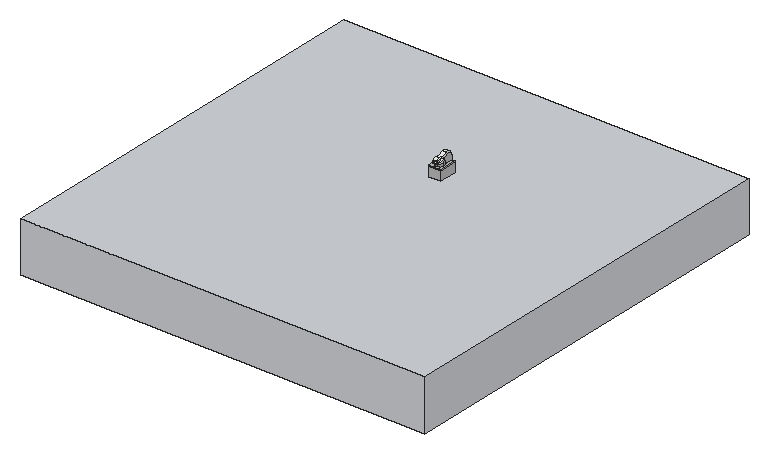
Revit family "LEGRAND_NON INTERLOCKED SOCKETS_SURFACE MOUNTED_IP44_40", category Installations électriques, Revit 2018
Family settings
  Hôte = Face
  Conserver l'orientation des annotations = Non
  Cote de connecteur circulaire = Utiliser le diamètre
  Type d'élément = Normal
  Couper avec des vides une fois chargée = Non
  Partagée = Non
  Point de calcul de pièce = Non
Parameters (values of type "panel mounting socket Hypra   IP44   ELV 16 A   40/50V   2P   plast surface mounting")
  width mm = 74 mm
  vertical fixing distance mm = 60 mm
  resistance to chocks IK = "09"
  protection class IP = "IP44"
  material of box = "plastic"
  intensity A = 16 A
  horizontal fixing distance mm = 52 mm
  height mm = 106 mm
  halogen free = yes
  h1 = 0.6 * height mm  # 63.6 mm
  depth mm = 105 mm
  depth for flush mounting mm = 58 mm
  connecting type = "screw terminals"
  characteristic color = "white"
  Tension V = "40 50 V  50/60 Hz white"
  Standard IEC or NFC = "IEC"
  Ray = Dia bouchon / 2  # 24.05 mm
  RAY BOUCHON = Dia bouchon / 2  # 24.05 mm
  Position of earth h = 12
  Number of poles = 2
  Modèle = "052403"
  Minimum use temperature = "-50°C"
  Minimum installation temperature = "-20°C"
  Maximum use temperature = "100°C"
  Maximum installation temperature = "40°C"
  General Conditions of Use = "https://export.legrand.com/en/terms-of-use-BIM-objects"
  Flush E or Surface mounting S = "flush and surface mounting"
  Fabricant = "Legrand"  # constant formula
  Elévation par défaut = 1000 mm
  Dia bouchon = 0.65 * width mm  # 48.1 mm
  Description = "international standard socket for flush or surface mounting with accessory allows the connection of power devices"
Types (4, lengths in mm): name | depth mm | Position of earth h | Number of poles | Modèle
  (no name) | 105 | 10 | 2 | "052405"
  panel mounting socket Hypra   IP44   ELV 16 A   40/50V   2P   plast surface mounting | 105 | 12 | 2 | "052403"
  panel mounting socket Hypra   IP44   ELV 16 A   40/50V   3P   plast surface mounting | 97 | 12 | 3 | "052404"
  panel mounting socket Hypra   IP44   ELV 16 A   20/50 V continu   2P   plast surface mounting | 105 | 10 | 2 | "052405"
Reference planes
  plane 1 "Centre (avant/arrière)": y = 0
  plane 2: z = 0
  plane 3 "Centre (gauche/droite)": x = 0
  plane 4: z = 0
  plane 5: z = 105
  plane 6: x = -37
  plane 7: x = 37
  plane 8: y = 63.6
  plane 9: y = -42.4
  plane 10: z = 58
  plane 11: z = 63.5
  plane 12: x = -16
  plane 13: x = 16
  plane 14: x = 11
  plane 15: x = -11
  plane 16: z = 85
  plane 17: y = 43.6
  plane 18: y = 32.6
  plane 19: z = 95
Forms (mm)
  Extrusion 1, solid
    sketch origin (-66.799, -339.2, 0) x (1, 0, 0) y (0, 1, 0)
      loop
        line (-1219.2, 1219.2) -> (-1219.2, -1219.2) -> (1219.2, -1219.2) -> (1219.2, 1219.2) -> (-1219.2, 1219.2)
    from 0 to -304.8
  Extrusion 2, solid, material "Legrand - Plastique gris"
    sketch origin (0, -14.113, 96.774) x (1, 0, 0) y (0, 0.939693, 0.34202)
      loop
        circle (0, 0) r 24.05
    from -12.32 to -94.232
  Extrusion 3, solid, material "Legrand - Plastique gris"
    sketch origin (0, -1506.027, 58) x (0, -1, 0) y (1, 0, 0)
      loop
        line (-1569.627, -37) -> (-1463.627, -37) -> (-1463.627, 37) -> (-1569.627, 37) -> (-1569.627, -37)
    from 0 to 5.5
  Revolve 4, solid, material "Legrand - Plastique blanc"
    sketch origin (0, 0, 58) x (0, -0.34202, 0.939693) y (0, -0.939693, -0.34202)
      loop
        arc (41.263, 0) -> (39.846, 12.42) -> (35.265, 24.05) r 47.913
        line (35.265, 24.05) -> (28.943, 24.05) -> (28.943, 0) -> (41.263, 0)
      axis (28.943, 0) -> (41.263, 0)
    angle from 0 to 360
  Extrusion 5, solid, material "Legrand - Plastique gris"
    sketch origin (0, 0, 0) x (0, 1, 0) y (0, 0, 1)
      loop
        line (-9.899, 85.198) -> (-2.002, 63.5) -> (63.6, 63.5) -> (63.6, 86.342)
        arc (63.6, 86.342) -> (58.435, 99.154) -> (46.232, 105.628) r 20.148
        line (46.232, 105.628) -> (-9.899, 85.198)
    from -16 to 16
  Extrusion 6, solid, material "Legrand - Plastique gris"
    sketch origin (0, 0, 0) x (0, 1, 0) y (0, 0, 1)
      loop
        line (63.6, 58) -> (-42.4, 58) -> (-42.4, 0) -> (63.6, 0) -> (63.6, 58)
    from -37 to 37
  Extrusion 7, solid, material "Legrand - Plastique blanc"
    sketch origin (0, 0, 0) x (0, 1, 0) y (0, 0, 1)
      loop
        line (32.6, 113.776) -> (-44.521, 85.707) -> (-32.499, 76.972) -> (0, 88.801) -> (0, 63.5) -> (62.1, 63.5) -> (62.1, 95)
        arc (62.1, 95) -> (51.977, 111.658) -> (32.6, 113.776) r 22.045
    from -11 to 11
  Extrusion 8, solid, material "Legrand - Plastique blanc"
    sketch origin (0, -32.499, 76.972) x (0, -0.809017, 0.587785) y (1, 0, 0)
      loop
        line (0, 11) -> (0, -11) -> (14.9, -11)
        arc (14.9, -11) -> (25.9, 0) -> (14.9, 11) r 11
        line (14.9, 11) -> (0, 11)
    from 0 to 5.558
Cuts and joins
  joined: Extrusion 2, Extrusion 3, Extrusion 5
  joined: Extrusion 7, Extrusion 8
Lines and regions (mm)
  reference lines
    curve 1: line (0, 0, 58) -> (0, -14.113, 96.774)
    curve 2: line (0, -14.113, 96.774) -> (0, -36.712, 88.549)
    curve 3: line (0, -14.113, 96.774) -> (0, 8.487, 105)
    curve 4: line (0, 0, 58) -> (0, 18.116, 8.226)
    curve 5: line (0, 18.116, 8.226) -> (0, 40.716, 16.451)
    curve 6: line (0, 18.116, 8.226) -> (0, -4.483, 0)
    curve 7: line (0, -9.899, 85.198) -> (0, -32.499, 76.972)
    curve 8: line (0, -9.899, 85.198) -> (0, 12.7, 93.423)
    curve 9: line (0, -32.499, 76.972) -> (0, -52.724, 91.667)
Dimensions and locks
  "depth mm": plane 5 to plane 4
  "height mm": plane 8 to plane 9
  equal spacing: plane 6, plane 3 "Centre (gauche/droite)", plane 7
  "width mm": plane 6 to plane 7
  "depth for flush mounting mm": plane 10 to plane 4
  equal spacing: curve 2, curve 1, curve 3
  "Dia bouchon": curve 3 to curve 2
  equal spacing: curve 5, curve 4, curve 6
  "Dia bouchon": curve 5 to curve 6
  equal spacing: curve 8, curve 1, curve 7
  "Dia bouchon": curve 7 to curve 8
  curve 8 to curve 3 = 12.32 mm
  "h1": plane 8 to plane 1 "Centre (avant/arrière)"
  locked: plane 11 to plane 10 at 5.5
  plane 12 to plane 3 "Centre (gauche/droite)" to plane 13 = 16 mm, 16 mm
  locked: Revolve 4 sketch curve to curve 2 at 5.998
  locked: plane 14 to plane 13 at 5
  locked: plane 12 to plane 15 at 5
  locked: Extrusion 7 sketch curve to plane 8 at 1.5
  "RAY BOUCHON": Revolve 4 sketch curve to Revolve 4 sketch curve
  locked: plane 17 to plane 8 at 20
  locked: plane 16 to plane 5 at 20
  locked: plane 18 to plane 8 at 31
  locked: plane 5 to plane 19 at 10
  locked: Extrusion 8 sketch curve to Extrusion 8 sketch curve at 14.9
  "Ray": radius of Extrusion 2 sketch curve
  locked: plane 1 "Centre (avant/arrière)" to curve 1 (angle 20.00°)
  locked: curve 3 to curve 1 (angle 90.00°)
  locked: curve 1 to curve 2 (angle 90.00°)
  locked: curve 4 to plane 1 "Centre (avant/arrière)" (angle 20.00°)
  locked: curve 4 to curve 5 (angle 90.00°)
  locked: curve 6 to curve 4 (angle 90.00°)
  locked: curve 7 to curve 1 (angle 90.00°)
  locked: curve 1 to curve 8 (angle 90.00°)
  locked: plane 9 to curve 9 (angle 54.00°)
  aligned and locked: plane 2 to Extrusion 1
  aligned and locked: level to Extrusion 1
  aligned and locked: plane 10 to curve 1
  aligned and locked: plane 1 "Centre (avant/arrière)" to curve 1
  aligned and locked: plane 5 to curve 3
  aligned and locked: plane 4 to curve 6
  aligned and locked: Extrusion 2 to curve 4
  aligned and locked: Extrusion 3 to plane 10
  aligned and locked: curve 7 to curve 8
  aligned and locked: plane 11 to Extrusion 5 sketch curve
  aligned and locked: curve 8 to Extrusion 5 sketch curve
  aligned and locked: Extrusion 6 to plane 6
  aligned and locked: plane 7 to Extrusion 6
  aligned and locked: plane 2 to plane 4
  aligned and locked: Extrusion 2 to curve 7
  aligned and locked: Extrusion 5 to curve 1
  aligned and locked: Extrusion 5 sketch curve to plane 8
  aligned and locked: Extrusion 7 sketch curve to curve 2
  aligned and locked: Extrusion 7 sketch curve to curve 7
  aligned and locked: cut or joined group of Extrusion 2, Extrusion 3, Extrusion 5 to Extrusion 7 sketch curve  (x2)
  aligned and locked: Extrusion 7 to plane 15
  aligned and locked: Extrusion 7 to plane 14
  aligned and locked: plane 18 to Extrusion 7 sketch curve
  aligned and locked: plane 19 to Extrusion 7 sketch curve
  aligned and locked: Extrusion 8 to curve 9  (x2)
  aligned and locked: Extrusion 8 to Extrusion 7 sketch curve
Automatic sketch dimensions
  Extrusion 1 sketch curve to Extrusion 1 sketch curve = 2438.4 mm  (x2)
  Extrusion 3 sketch curve to plane 7 = 0 mm
  Extrusion 3 sketch curve to plane 8 = 0 mm
  Extrusion 3 sketch curve to plane 6 = 0 mm
  Extrusion 3 sketch curve to plane 9 = 0 mm
  Extrusion 6 sketch curve to plane 9 = 0 mm
  Extrusion 6 sketch curve to level = 0 mm
  Extrusion 6 sketch curve to plane 8 = 0 mm
  Extrusion 6 sketch curve to plane 10 = 0 mm
  plane 17 to Extrusion 5 sketch curve = 2.632 mm
  Extrusion 5 sketch curve to plane 16 = 1.342 mm
  plane 1 "Centre (avant/arrière)" to Extrusion 5 sketch curve = 2.002 mm
  Extrusion 5 sketch curve to plane 16 = 0.671 mm
  Extrusion 8 sketch curve to curve 9 = 0 mm
  Extrusion 8 sketch curve to curve 9 = 11 mm
  Extrusion 8 sketch curve to curve 9 = 10.1 mm
  Extrusion 8 sketch curve to Extrusion 8 sketch curve = 0 mm
  Extrusion 7 sketch curve to plane 1 "Centre (avant/arrière)" = 0 mm
  Extrusion 2 sketch curve to plane 3 "Centre (gauche/droite)" = 0 mm
  Revolve 4 sketch curve to curve 1 = 0 mm  (x5)
  Revolve 4 sketch curve to curve 1 = 0.825 mm
  Revolve 4 sketch curve to Revolve 4 sketch curve = 6.321 mm
Connectors
  electrical at (0, 10.6, 58)
    settings: on cut or joined group of Extrusion 2, Extrusion 3, Extrusion 5, index 1, voltage 0 V, apparent load 0 VA, apparent load phase1 0 VA, apparent load phase2 0 VA, apparent load phase3 0 VA, power factor 1, load classification "Autre", number of poles 1, system type 31, power factor state 1, is connector primary yes, connector utility no, sub classification motor no, connector description ""
